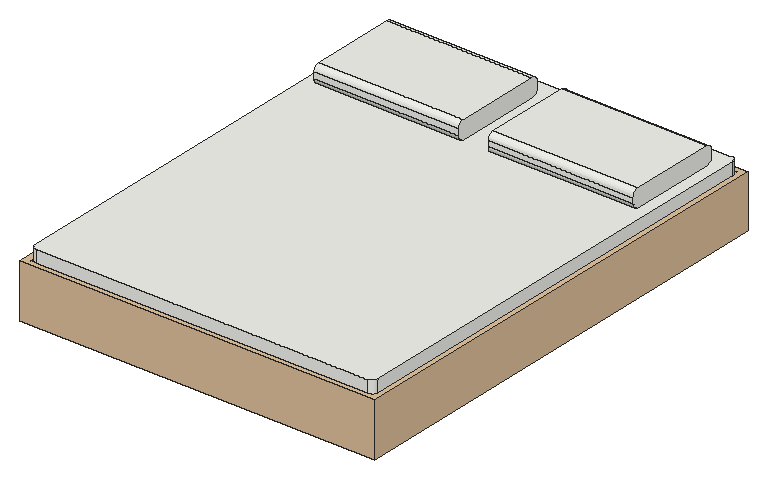
Revit family
Parameters (values of type "1525 x 2007mm - Queen")
  Frame Material = Wood - Birch
  Length = 2007.00 mm
  Mattress Material = Textile - White
  Width = 1525.00 mm
Types (4, lengths in mm): name | Length | Width
  (no name) | 2007.00 | 1525.00
  1346 x 1880mm - Double | 1880.00 | 1346.00
  1525 x 2007mm - Queen | 2007.00 | 1525.00
  0965 x 1880mm - Twin | 1880.00 | 965.00
Reference planes
  plane 1 "Center (Front/Back)": y = -234.43
  plane 2: z = 0
  plane 3 "Center (Left/Right)": x = 339.152
  plane 4: y = 769.07
  plane 5: y = -1237.93
  plane 6: x = -423.348
  plane 7: x = 1101.652
  plane 8: z = 177.8
  plane 9: y = 667.47
  plane 10: y = 248.37
Forms (mm)
  Sweep 1, solid, material "Wood - Birch" <- "Frame Material"
    path origin (0, -1237.93, 0) x (1, 0, 0) y (0, 0, 1)
      loop
        line (-397.948, 177.8) -> (-347.148, 177.8) -> (-271.077, 14.665)
        arc (-271.077, 14.665) -> (-261.704, 3.978) -> (-248.056, 0) r 25.4
        line (-248.056, 0) -> (-169.444, 0)
        arc (-169.444, 0) -> (-162.87, 0.865) -> (-156.744, 3.403) r 25.4
        line (-156.744, 3.403) -> (-96.647, 38.1) -> (774.952, 38.1) -> (835.049, 3.403)
        arc (835.049, 3.403) -> (841.175, 0.865) -> (847.749, 0) r 25.4
        line (847.749, 0) -> (926.361, 0)
        arc (926.361, 0) -> (940.009, 3.978) -> (949.382, 14.665) r 25.4
        line (949.382, 14.665) -> (1025.452, 177.8) -> (1076.252, 177.8)
    profile origin (-372.548, -1237.93, 0) x (0, 0, 1) y (0, -1, 0)
      loop
        line (196.85, -228.6) -> (177.8, -228.6) -> (177.8, -304.8) -> (196.85, -304.8) -> (196.85, -228.6)
  Extrusion 2, solid, material "Textile - White" <- "Mattress Material"
    sketch origin (0, 0, 406.4) x (1, 0, 0) y (0, 1, 0)
      loop
        line (1050.852, 743.67) -> (-372.548, 743.67)
        arc (-372.548, 743.67) -> (-390.508, 736.231) -> (-397.948, 718.27) r 25.4
        line (-397.948, 718.27) -> (-397.948, -1187.13)
        arc (-397.948, -1187.13) -> (-390.508, -1205.09) -> (-372.548, -1212.53) r 25.4
        line (-372.548, -1212.53) -> (1050.852, -1212.53)
        arc (1050.852, -1212.53) -> (1068.813, -1205.09) -> (1076.252, -1187.13) r 25.4
        line (1076.252, -1187.13) -> (1076.252, 718.27)
        arc (1076.252, 718.27) -> (1068.813, 736.231) -> (1050.852, 743.67) r 25.4
    from 0 to -203.2
  Sweep 3, solid, material "Wood - Birch" <- "Frame Material"
    path origin (0, 769.07, 0) x (1, 0, 0) y (0, 0, 1)
      loop
        line (-397.623, 177.8) -> (-346.823, 177.8) -> (-270.752, 14.665)
        arc (-270.752, 14.665) -> (-261.38, 3.978) -> (-247.732, 0) r 25.4
        line (-247.732, 0) -> (-169.12, 0)
        arc (-169.12, 0) -> (-162.546, 0.865) -> (-156.42, 3.403) r 25.4
        line (-156.42, 3.403) -> (-96.323, 38.1) -> (774.952, 38.1) -> (835.049, 3.403)
        arc (835.049, 3.403) -> (841.175, 0.865) -> (847.749, 0) r 25.4
        line (847.749, 0) -> (926.361, 0)
        arc (926.361, 0) -> (940.009, 3.978) -> (949.382, 14.665) r 25.4
        line (949.382, 14.665) -> (1025.452, 177.8) -> (1076.252, 177.8)
    profile origin (-372.223, 769.07, 0) x (0, 0, 1) y (0, -1, 0)
      loop
        line (177.8, 330.2) -> (177.8, 254) -> (196.85, 254) -> (196.85, 330.2) -> (177.8, 330.2)
  Extrusion 4, solid, material "Wood - Birch" <- "Frame Material"
    sketch origin (0, 0, 0) x (1, 0, 0) y (0, 1, 0)
      loop
        line (-423.348, 769.07) -> (-423.348, -1237.93) -> (1101.652, -1237.93) -> (1101.652, 769.07) -> (-423.348, 769.07)
      loop
        line (-397.948, 743.67) -> (-397.948, -1212.53) -> (1076.252, -1212.53) -> (1076.252, 743.67) -> (-397.948, 743.67)
    from 127 to 355.6
  Sweep 5, solid, material "Textile - White" <- "Mattress Material"
    path origin (0, 0, 0) x (1, 0, 0) y (0, 1, 0)
      loop
        line (-347.148, 667.47) -> (275.652, 667.47)
    profile origin (-35.748, 0, 0) x (0, 1, 0) y (0, 0, 1)
      loop
        line (273.77, 406.4) -> (642.07, 406.4)
        arc (642.07, 406.4) -> (660.031, 413.839) -> (667.47, 431.8) r 25.4
        line (667.47, 431.8) -> (667.47, 457.2)
        arc (667.47, 457.2) -> (660.031, 475.161) -> (642.07, 482.6) r 25.4
        line (642.07, 482.6) -> (273.77, 482.6)
        arc (273.77, 482.6) -> (255.81, 475.161) -> (248.37, 457.2) r 25.4
        line (248.37, 457.2) -> (248.37, 431.8)
        arc (248.37, 431.8) -> (255.81, 413.839) -> (273.77, 406.4) r 25.4
  Sweep 6, solid, material "Textile - White" <- "Mattress Material"
    path origin (749.3, 0, 0) x (1, 0, 0) y (0, 1, 0)
      loop
        line (-346.648, 667.47) -> (276.152, 667.47)
    profile origin (714.052, 0, 0) x (0, 1, 0) y (0, 0, 1)
      loop
        line (273.77, 406.4) -> (642.07, 406.4)
        arc (642.07, 406.4) -> (660.031, 413.839) -> (667.47, 431.8) r 25.4
        line (667.47, 431.8) -> (667.47, 457.2)
        arc (667.47, 457.2) -> (660.031, 475.161) -> (642.07, 482.6) r 25.4
        line (642.07, 482.6) -> (273.77, 482.6)
        arc (273.77, 482.6) -> (255.81, 475.161) -> (248.37, 457.2) r 25.4
        line (248.37, 457.2) -> (248.37, 431.8)
        arc (248.37, 431.8) -> (255.81, 413.839) -> (273.77, 406.4) r 25.4
Lines and regions (mm)
  Masking region 1
    outline origin (0, 0, 0) x (1, 0, 0) y (0, 1, 0)
      loop
        line (-423.348, -1237.93) -> (1101.652, -1237.93) -> (1101.652, 769.07) -> (-423.348, 769.07) -> (-423.348, -1237.93)
  symbolic lines
    curve 1: line (-397.948, 743.67, 0) -> (1076.252, 743.67, 0)
    curve 2: line (-397.948, 743.67, 0) -> (-397.948, -1212.53, 0)
    curve 3: line (-397.948, -1212.53, 0) -> (1076.252, -1212.53, 0)
    curve 4: line (1076.252, 743.67, 0) -> (1076.252, -1212.53, 0)
    curve 5: line (-347.148, 667.47, 0) -> (275.652, 667.47, 0)
    curve 6: line (-347.148, 667.47, 0) -> (-347.148, 248.17, 0)
    curve 7: line (-347.148, 248.17, 0) -> (275.652, 248.17, 0)
    curve 8: line (275.652, 667.47, 0) -> (275.652, 248.17, 0)
    curve 9: line (402.652, 667.47, 0) -> (1025.452, 667.47, 0)
    curve 10: line (402.652, 667.47, 0) -> (402.652, 248.17, 0)
    curve 11: line (402.652, 248.17, 0) -> (1025.452, 248.17, 0)
    curve 12: line (1025.452, 667.47, 0) -> (1025.452, 248.17, 0)
    curve 13: line (1076.252, 248.17, 0) -> (-397.948, 19.757, 0)
Dimensions and locks
  equal spacing: plane 6, plane 3 "Center (Left/Right)", plane 7
  equal spacing: plane 5, plane 1 "Center (Front/Back)", plane 4
  "Length": plane 5 to plane 4
  "Width": plane 6 to plane 7
  locked: plane 6 to Sweep 1 sketch curve at 76.2
  locked: Sweep 1 sketch curve to Sweep 1 sketch curve at 78.613  (x2)
  locked: Sweep 1 sketch curve to plane 7 at 76.2
  plane 10 to plane 9 to plane 4 = 419.10 mm, 101.60 mm locked
  aligned and locked: Extrusion 2 sketch curve to Extrusion 4  (x4)
  aligned and locked: curve 10 to Sweep 6 sketch curve
  aligned and locked: curve 12 to Sweep 6 sketch curve
  aligned and locked: curve 5 to Sweep 6 sketch curve
  aligned: Extrusion 4 to Masking region 1 sketch curve
  aligned: Masking region 1 sketch curve to Extrusion 4  (x3)
Automatic sketch dimensions
  Sweep 1 sketch curve to profile plane = 0.00 mm
  Sweep 1 sketch curve to profile plane = 19.05 mm
  Sweep 1 sketch curve to plane 5 = 304.80 mm
  Sweep 1 sketch curve to Sweep 1 sketch curve = 76.20 mm
  Sweep 3 sketch curve to profile plane = 0.00 mm
  Sweep 3 sketch curve to profile plane = 19.05 mm
  plane 4 to Sweep 3 sketch curve = 254.00 mm
  Sweep 3 sketch curve to Sweep 3 sketch curve = 76.20 mm
  Extrusion 4 sketch curve to plane 4 = 0.00 mm
  Extrusion 4 sketch curve to plane 6 = 0.00 mm
  Extrusion 4 sketch curve to plane 5 = 0.00 mm
  Extrusion 4 sketch curve to plane 7 = 0.00 mm
  Extrusion 4 sketch curve to plane 6 = 25.40 mm
  plane 7 to Extrusion 4 sketch curve = 25.40 mm
  Extrusion 4 sketch curve to plane 5 = 25.40 mm
  plane 4 to Extrusion 4 sketch curve = 25.40 mm
  Extrusion 2 sketch curve to Extrusion 2 sketch curve = 25.40 mm  (x3)
  plane 4 to Extrusion 2 sketch curve = 50.80 mm
  Sweep 1 sketch curve to level = 0.00 mm  (x2)
  Sweep 1 sketch curve to plane 6 = 25.40 mm
  level to Sweep 1 sketch curve = 14.665 mm  (x2)
  Sweep 1 sketch curve to Sweep 1 sketch curve = 76.071 mm
  Sweep 1 sketch curve to Sweep 1 sketch curve = 23.02 mm  (x2)
  level to Sweep 1 sketch curve = 3.403 mm  (x2)
  Sweep 1 sketch curve to Sweep 1 sketch curve = 12.70 mm  (x2)
  level to Sweep 1 sketch curve = 38.10 mm
  Sweep 1 sketch curve to Sweep 1 sketch curve = 60.097 mm  (x2)
  Sweep 1 sketch curve to Sweep 1 sketch curve = 250.501 mm
  plane 7 to Sweep 1 sketch curve = 25.40 mm
  level to Sweep 1 sketch curve = 177.80 mm  (x2)
  Sweep 3 sketch curve to level = 0.00 mm  (x2)
  Sweep 3 sketch curve to plane 6 = 25.724 mm
  Sweep 3 sketch curve to Sweep 3 sketch curve = 50.80 mm
  level to Sweep 3 sketch curve = 14.665 mm  (x2)
  Sweep 3 sketch curve to plane 6 = 152.595 mm
  level to Sweep 3 sketch curve = 25.40 mm  (x2)
  Sweep 3 sketch curve to Sweep 3 sketch curve = 78.613 mm  (x2)
  level to Sweep 3 sketch curve = 3.403 mm  (x2)
  Sweep 3 sketch curve to Sweep 3 sketch curve = 12.70 mm  (x2)
  level to Sweep 3 sketch curve = 38.10 mm  (x2)
  Sweep 3 sketch curve to Sweep 3 sketch curve = 60.097 mm  (x2)
  plane 7 to Sweep 3 sketch curve = 326.701 mm
  Sweep 3 sketch curve to Sweep 3 sketch curve = 0.00 mm
  plane 7 to Sweep 3 sketch curve = 76.20 mm
  plane 7 to Sweep 3 sketch curve = 25.40 mm
  level to Sweep 3 sketch curve = 177.80 mm  (x2)
  curve 6 to plane 6 = 76.20 mm
  curve 5 to plane 3 "Center (Left/Right)" = 63.50 mm
  plane 3 "Center (Left/Right)" to curve 9 = 63.50 mm
  plane 7 to curve 9 = 76.20 mm
  plane 7 to curve 13 = 25.40 mm
  curve 4 to plane 5 = 25.40 mm
  curve 13 to plane 1 "Center (Front/Back)" = 254.186 mm
  curve 13 to curve 7 = 228.414 mm
  curve 11 to curve 7 = 0.00 mm
  curve 13 to curve 11 = 0.00 mm
  plane 4 to curve 6 = 101.60 mm
  plane 4 to curve 10 = 101.60 mm
  plane 4 to curve 4 = 25.40 mm
  Sweep 5 sketch curve to plane 9 = 0.00 mm
  Sweep 5 sketch curve to plane 6 = 76.20 mm
  Sweep 5 sketch curve to plane 3 "Center (Left/Right)" = 63.50 mm
  Sweep 5 sketch curve to profile plane = 0.00 mm
  profile plane to Sweep 5 sketch curve = 25.40 mm  (x2)
  Sweep 5 sketch curve to Sweep 5 sketch curve = 368.30 mm
  Sweep 5 sketch curve to Sweep 5 sketch curve = 0.00 mm
  Sweep 5 sketch curve to Sweep 5 sketch curve = 25.40 mm  (x2)
  level to Sweep 5 sketch curve = 406.40 mm
  Sweep 6 sketch curve to profile plane = 0.00 mm
  profile plane to Sweep 6 sketch curve = 25.40 mm  (x2)
  Sweep 6 sketch curve to Sweep 6 sketch curve = 368.30 mm
  Sweep 6 sketch curve to Sweep 6 sketch curve = 0.00 mm
  Sweep 6 sketch curve to Sweep 6 sketch curve = 25.40 mm  (x2)
  curve 3 to plane 6 = 25.40 mm
  Masking region 1 sketch curve to plane 4 = 0.00 mm
  Masking region 1 sketch curve to plane 6 = 0.00 mm
  Masking region 1 sketch curve to plane 7 = 0.00 mm
  Masking region 1 sketch curve to plane 5 = 0.00 mm
